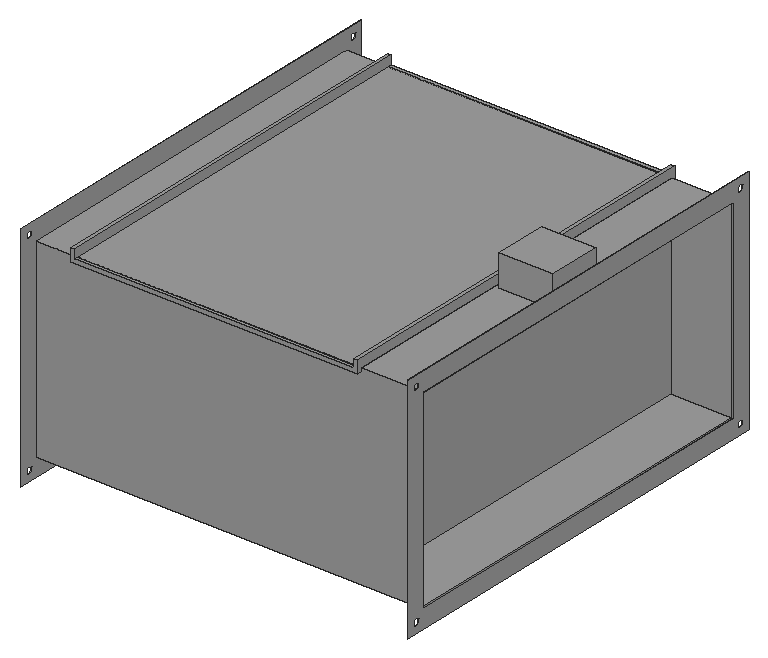
Revit family "BIMLIB_КанальныйВентилятор_TORNADO-TWIN-EC_TORNADO-EC_TORNADO_SHUFT", category Оборудование, Revit 2017
Family settings
  Размер круглого соединителя = Использовать диаметр
  Тип детали = Вставляется
  На основе рабочей плоскости = Нет
  Всегда вертикально = Да
  При загрузке вырезать с полостями = Нет
  Общий = Нет
  Точка расчета площади = Нет
Parameters (values of type "TORNADO 500x250-22-0.55-2")
  Ширина клеммной коробки = 35 mm
  Повернуть УГО [instance] = yes
  Описание = "Вентиляторы TORNADO обладают конструкцией со свободным колесом, двигателем с увеличенным ресурсом и повышенным КПД.\r\n\r\nКорпус вентиляторов серии TORNADO изготовлен из оцинкованной стали толщиной до 1,5 мм. Электродвигатель с рабочим колесом статически и динамически сбалансированы в двух плоскостях."
  Климатическое исполнение = "У2"  # constant formula
  Изготовитель = "ООО «Завод ВКО» марка SHUFT"  # constant formula
  Глубина клеммной коробки = 50 mm
  Watermark [instance] = "Модели защищены уникальным кодом"
  IP Двигателя = "IP55"  # constant formula
  H = 310 mm
  G = 510 mm
  E = 548 mm
  D = 272 mm
  C = 522 mm
  ADSK_Частота вращения вентилятора = 2750
  ADSK_Ток = 1.43 A
  ADSK_Потеря давления воздуха [instance] = 0.0 Pa
  ADSK_Полная мощность = ADSK_Номинальная мощность / ADSK_Коэффициент мощности  # 0.55 kW
  ADSK_Номинальная мощность = 0.55 kW
  ADSK_Напряжение = 400 V
  ADSK_Коэффициент мощности = 1
  ADSK_Количество фаз = 3
  ADSK_Классификация нагрузок = Прочее
  A = ADSK_Размер_Ширина  # 500 mm
  URL = "http://www.shuft.ru/"
  L = ADSK_Размер_Длина  # 500 mm
  F = 298 mm
  B = ADSK_Размер_Высота  # 250 mm
  BL_Разработано = "support@bimlib.pro"  # constant formula
  BL_Email = "bimmodels@rusklimat.ru"  # constant formula
  BL_BIM library = "https://bimlib.pro/manufacturer/company/23829"
  ADSK_Расход воздуха [instance] = 0.0 L/s
  ADSK_Размер_Ширина = 500 mm
  ADSK_Размер_Длина = 500 mm
  ADSK_Размер_Высота = 250 mm
  ADSK_Примечание [instance] = ""
  ADSK_Позиция = ""
  ADSK_Обозначение = ""
  ADSK_Наименование = "Канальный вентилятор TORNADO 500x250-22-0.55-2"
  ADSK_Материал = BIMLIB_Сталь_SHUFT
  ADSK_Масса = 26.3
  ADSK_Марка = "TORNADO 500x250-22-0.55-2"
  ADSK_Код изделия = ADSK_Марка  # "TORNADO 500x250-22-0.55-2"
  ADSK_Завод-изготовитель = "ООО «Завод ВКО» марка SHUFT"  # constant formula
  ADSK_Единица измерения = "шт."  # constant formula
  ADSK_Версия семейства = "v.1"  # constant formula
  ADSK_Версия Revit = "2017"  # constant formula
  ADSK_URL страницы изделия = "http://www.shuft.ru/catalog/1/200/3000/101650/"
  ADSK_URL документации изделия = "http://www.shuft.ru/upload/downloads/passport-tornado.pdf"
Types (25, lengths in mm): name | Описание | H | G | E | D | C | ADSK_Частота вращения вентилятора | ADSK_Ток | ADSK_Полная мощность | ADSK_Номинальная мощность | ADSK_Напряжение | ADSK_Количество фаз | A | L | F | B | ADSK_Размер_Ширина | ADSK_Размер_Длина | ADSK_Размер_Высота | ADSK_Наименование | ADSK_Масса | ADSK_Марка | ADSK_Код изделия | ADSK_URL страницы изделия | ADSK_URL документации изделия
  (no name) | "Вентиляторы TORNADO обладают конструкцией со свободным колесом, двигателем с увеличенным ресурсом и повышенным КПД.\r\n\r\nКорпус вентиляторов серии TORNADO изготовлен из оцинкованной стали толщиной до 1,5 мм. Электродвигатель с рабочим колесом статически и динамически сбалансированы в двух плоскостях." | 310 | 510 | 548 | 272 | 522 | 2750 | 1.43 A | 0.55 kW | 0.55 kW | 400 V | 3 | 500 | 500 | 298 | 250 | 500 | 500 | 250 | "Канальный вентилятор TORNADO 500x250-22-0.55-2" | 26.3 | "TORNADO 500x250-22-0.55-2" | "TORNADO 500x250-22-0.55-2" | "http://www.shuft.ru/catalog/1/200/3000/101650/" | "http://www.shuft.ru/upload/downloads/passport-tornado.pdf"
  TORNADO TWIN EC 500x250-18-E | "Назначение: Вытяжная и приточная вентиляция. Применение: Помещения бытового, общественного административного, промышленного назначения. Конструкция и материалы: Корпус из оцинкованной стали с сервисным люком; Крыльчатка с за¬гнутыми назад лопатками; Электронно-коммутируемые двигатели Ziehl-Abegg; Электродвигатель с рабочим колесом статически и динамически сбалансированы в двух плоскостях; Шариковые подшипники двигателя не требуют специального обслуживания. Регулирование производительности: по сигналу 0-10В; установка скорости встроенным триммером или с помощью внешнего регулятора(опция). Монтаж: В любом положении." | 315 | 510 | 550 | 272 | 522 | 4340 | 3.5 A | 0.34 kW | 0.34 kW | 230 V | 1 | 500 | 305 | 300 | 250 | 500 | 305 | 250 | "Канальный вентилятор TORNADO TWIN EC 500x250-18-E" | 26.3 | "TORNADO TWIN EC 500x250-18-E" | "TORNADO TWIN EC 500x250-18-E" | "http://www.shuft.ru/catalog/1/200/3000/101680/" | "http://www.shuft.ru/upload/downloads/passport-TORNADO(TWIN)-EC.pdf"
  TORNADO TWIN EC 500x300-18-E | "Назначение: Вытяжная и приточная вентиляция. Применение: Помещения бытового, общественного административного, промышленного назначения. Конструкция и материалы: Корпус из оцинкованной стали с сервисным люком; Крыльчатка с за¬гнутыми назад лопатками; Электронно-коммутируемые двигатели Ziehl-Abegg; Электродвигатель с рабочим колесом статически и динамически сбалансированы в двух плоскостях; Шариковые подшипники двигателя не требуют специального обслуживания. Регулирование производительности: по сигналу 0-10В; установка скорости встроенным триммером или с помощью внешнего регулятора(опция). Монтаж: В любом положении." | 370 | 510 | 550 | 322 | 522 | 4340 | 3.5 A | 0.34 kW | 0.34 kW | 230 V | 1 | 500 | 305 | 350 | 300 | 500 | 305 | 300 | "Канальный вентилятор TORNADO TWIN EC 500x300-18-E" | 31.5 | "TORNADO TWIN EC 500x300-18-E" | "TORNADO TWIN EC 500x300-18-E" | "http://www.shuft.ru/catalog/1/200/3000/101680/" | "http://www.shuft.ru/upload/downloads/passport-TORNADO(TWIN)-EC.pdf"
  TORNADO TWIN EC 500x300-19-E | "Назначение: Вытяжная и приточная вентиляция. Применение: Помещения бытового, общественного административного, промышленного назначения. Конструкция и материалы: Корпус из оцинкованной стали с сервисным люком; Крыльчатка с за¬гнутыми назад лопатками; Электронно-коммутируемые двигатели Ziehl-Abegg; Электродвигатель с рабочим колесом статически и динамически сбалансированы в двух плоскостях; Шариковые подшипники двигателя не требуют специального обслуживания. Регулирование производительности: по сигналу 0-10В; установка скорости встроенным триммером или с помощью внешнего регулятора(опция). Монтаж: В любом положении." | 370 | 510 | 550 | 322 | 522 | 3930 | 3.4 A | 0.34 kW | 0.34 kW | 230 V | 1 | 500 | 305 | 350 | 300 | 500 | 305 | 300 | "Канальный вентилятор TORNADO TWIN EC 500x300-19-E" | 33.6 | "TORNADO TWIN EC 500x300-19-E" | "TORNADO TWIN EC 500x300-19-E" | "http://www.shuft.ru/catalog/1/200/3000/101680/" | "http://www.shuft.ru/upload/downloads/passport-TORNADO(TWIN)-EC.pdf"
  TORNADO TWIN EC 600x300-22-E | "Назначение: Вытяжная и приточная вентиляция. Применение: Помещения бытового, общественного административного, промышленного назначения. Конструкция и материалы: Корпус из оцинкованной стали с сервисным люком; Крыльчатка с за¬гнутыми назад лопатками; Электронно-коммутируемые двигатели Ziehl-Abegg; Электродвигатель с рабочим колесом статически и динамически сбалансированы в двух плоскостях; Шариковые подшипники двигателя не требуют специального обслуживания. Регулирование производительности: по сигналу 0-10В; установка скорости встроенным триммером или с помощью внешнего регулятора(опция). Монтаж: В любом положении." | 370 | 610 | 650 | 322 | 622 | 2810 | 3.3 A | 0.34 kW | 0.34 kW | 230 V | 1 | 600 | 335 | 350 | 300 | 600 | 335 | 300 | "Канальный вентилятор TORNADO TWIN EC 600x300-22-E" | 36.7 | "TORNADO TWIN EC 600x300-22-E" | "TORNADO TWIN EC 600x300-22-E" | "http://www.shuft.ru/catalog/1/200/3000/101680/" | "http://www.shuft.ru/upload/downloads/passport-TORNADO(TWIN)-EC.pdf"
  TORNADO TWIN EC 600x350-22-E | "Назначение: Вытяжная и приточная вентиляция. Применение: Помещения бытового, общественного административного, промышленного назначения. Конструкция и материалы: Корпус из оцинкованной стали с сервисным люком; Крыльчатка с за¬гнутыми назад лопатками; Электронно-коммутируемые двигатели Ziehl-Abegg; Электродвигатель с рабочим колесом статически и динамически сбалансированы в двух плоскостях; Шариковые подшипники двигателя не требуют специального обслуживания. Регулирование производительности: по сигналу 0-10В; установка скорости встроенным триммером или с помощью внешнего регулятора(опция). Монтаж: В любом положении." | 420 | 610 | 650 | 372 | 622 | 2810 | 3.3 A | 0.34 kW | 0.34 kW | 230 V | 1 | 600 | 335 | 400 | 350 | 600 | 335 | 350 | "Канальный вентилятор TORNADO TWIN EC 600x350-22-E" | 45 | "TORNADO TWIN EC 600x350-22-E" | "TORNADO TWIN EC 600x350-22-E" | "http://www.shuft.ru/catalog/1/200/3000/101680/" | "http://www.shuft.ru/upload/downloads/passport-TORNADO(TWIN)-EC.pdf"
  TORNADO EC 600x350-28-E | "Назначение: Вытяжная и приточная вентиляция. Применение: Помещения бытового, общественного административного, промышленного назначения. Конструкция и материалы: Корпус из оцинкованной стали с сервисным люком; Крыльчатка с за¬гнутыми назад лопатками; Электронно-коммутируемые двигатели Ziehl-Abegg; Электродвигатель с рабочим колесом статически и динамически сбалансированы в двух плоскостях; Шариковые подшипники двигателя не требуют специального обслуживания. Регулирование производительности: по сигналу 0-10В; установка скорости встроенным триммером или с помощью внешнего регулятора(опция). Монтаж: В любом положении." | 420 | 610 | 650 | 372 | 622 | 2960 | 3.9 A | 0.78 kW | 0.78 kW | 230 V | 1 | 600 | 460 | 400 | 350 | 600 | 460 | 350 | "Канальный вентилятор TORNADO EC 600x350-28-E" | 52 | "TORNADO EC 600x350-28-E" | "TORNADO EC 600x350-28-E" | "http://www.shuft.ru/catalog/1/200/3000/101680/" | "http://www.shuft.ru/upload/downloads/passport-TORNADO(TWIN)-EC.pdf"
  TORNADO EC 700x400-31-D | "Назначение: Вытяжная и приточная вентиляция. Применение: Помещения бытового, общественного административного, промышленного назначения. Конструкция и материалы: Корпус из оцинкованной стали с сервисным люком; Крыльчатка с за¬гнутыми назад лопатками; Электронно-коммутируемые двигатели Ziehl-Abegg; Электродвигатель с рабочим колесом статически и динамически сбалансированы в двух плоскостях; Шариковые подшипники двигателя не требуют специального обслуживания. Регулирование производительности: по сигналу 0-10В; установка скорости встроенным триммером или с помощью внешнего регулятора(опция). Монтаж: В любом положении." | 470 | 710 | 750 | 422 | 722 | 3840 | 4 A | 2.5 kW | 2.5 kW | 400 V | 3 | 700 | 545 | 450 | 400 | 700 | 545 | 400 | "Канальный вентилятор TORNADO EC 700x400-31-D" | 57 | "TORNADO EC 700x400-31-D" | "TORNADO EC 700x400-31-D" | "http://www.shuft.ru/catalog/1/200/3000/101680/" | "http://www.shuft.ru/upload/downloads/passport-TORNADO(TWIN)-EC.pdf"
  TORNADO EC 700x400-35-D | "Назначение: Вытяжная и приточная вентиляция. Применение: Помещения бытового, общественного административного, промышленного назначения. Конструкция и материалы: Корпус из оцинкованной стали с сервисным люком; Крыльчатка с за¬гнутыми назад лопатками; Электронно-коммутируемые двигатели Ziehl-Abegg; Электродвигатель с рабочим колесом статически и динамически сбалансированы в двух плоскостях; Шариковые подшипники двигателя не требуют специального обслуживания. Регулирование производительности: по сигналу 0-10В; установка скорости встроенным триммером или с помощью внешнего регулятора(опция). Монтаж: В любом положении." | 470 | 710 | 750 | 422 | 722 | 2970 | 4 A | 2.5 kW | 2.5 kW | 400 V | 3 | 700 | 545 | 450 | 400 | 700 | 545 | 400 | "Канальный вентилятор TORNADO EC 700x400-35-D" | 68 | "TORNADO EC 700x400-35-D" | "TORNADO EC 700x400-35-D" | "http://www.shuft.ru/catalog/1/200/3000/101680/" | "http://www.shuft.ru/upload/downloads/passport-TORNADO(TWIN)-EC.pdf"
  TORNADO EC 800x500-35-D | "Назначение: Вытяжная и приточная вентиляция. Применение: Помещения бытового, общественного административного, промышленного назначения. Конструкция и материалы: Корпус из оцинкованной стали с сервисным люком; Крыльчатка с за¬гнутыми назад лопатками; Электронно-коммутируемые двигатели Ziehl-Abegg; Электродвигатель с рабочим колесом статически и динамически сбалансированы в двух плоскостях; Шариковые подшипники двигателя не требуют специального обслуживания. Регулирование производительности: по сигналу 0-10В; установка скорости встроенным триммером или с помощью внешнего регулятора(опция). Монтаж: В любом положении." | 470 | 810 | 850 | 522 | 822 | 2970 | 4 A | 2.5 kW | 2.5 kW | 400 V | 3 | 800 | 545 | 550 | 500 | 800 | 545 | 500 | "Канальный вентилятор TORNADO EC 800x500-35-D" | 73.5 | "TORNADO EC 800x500-35-D" | "TORNADO EC 800x500-35-D" | "http://www.shuft.ru/catalog/1/200/3000/101680/" | "http://www.shuft.ru/upload/downloads/passport-TORNADO(TWIN)-EC.pdf"
  TORNADO EC 900x500-35-D | "Назначение: Вытяжная и приточная вентиляция. Применение: Помещения бытового, общественного административного, промышленного назначения. Конструкция и материалы: Корпус из оцинкованной стали с сервисным люком; Крыльчатка с за¬гнутыми назад лопатками; Электронно-коммутируемые двигатели Ziehl-Abegg; Электродвигатель с рабочим колесом статически и динамически сбалансированы в двух плоскостях; Шариковые подшипники двигателя не требуют специального обслуживания. Регулирование производительности: по сигналу 0-10В; установка скорости встроенным триммером или с помощью внешнего регулятора(опция). Монтаж: В любом положении." | 570 | 910 | 950 | 522 | 922 | 2970 | 4 A | 2.5 kW | 2.5 kW | 400 V | 3 | 900 | 545 | 550 | 500 | 900 | 545 | 500 | "Канальный вентилятор TORNADO EC 900x500-35-D" | 75 | "TORNADO EC 900x500-35-D" | "TORNADO EC 900x500-35-D" | "http://www.shuft.ru/catalog/1/200/3000/101680/" | "http://www.shuft.ru/upload/downloads/passport-TORNADO(TWIN)-EC.pdf"
  TORNADO EC 900x500-40-D | "Назначение: Вытяжная и приточная вентиляция. Применение: Помещения бытового, общественного административного, промышленного назначения. Конструкция и материалы: Корпус из оцинкованной стали с сервисным люком; Крыльчатка с за¬гнутыми назад лопатками; Электронно-коммутируемые двигатели Ziehl-Abegg; Электродвигатель с рабочим колесом статически и динамически сбалансированы в двух плоскостях; Шариковые подшипники двигателя не требуют специального обслуживания. Регулирование производительности: по сигналу 0-10В; установка скорости встроенным триммером или с помощью внешнего регулятора(опция). Монтаж: В любом положении." | 570 | 910 | 950 | 522 | 922 | 2700 | 5.4 A | 3.3 kW | 3.3 kW | 400 V | 3 | 900 | 545 | 550 | 500 | 900 | 545 | 500 | "Канальный вентилятор TORNADO EC 900x500-40-D" | 94.6 | "TORNADO EC 900x500-40-D" | "TORNADO EC 900x500-40-D" | "http://www.shuft.ru/catalog/1/200/3000/101680/" | "http://www.shuft.ru/upload/downloads/passport-TORNADO(TWIN)-EC.pdf"
  TORNADO EC 1000x500-40-D | "Назначение: Вытяжная и приточная вентиляция. Применение: Помещения бытового, общественного административного, промышленного назначения. Конструкция и материалы: Корпус из оцинкованной стали с сервисным люком; Крыльчатка с за¬гнутыми назад лопатками; Электронно-коммутируемые двигатели Ziehl-Abegg; Электродвигатель с рабочим колесом статически и динамически сбалансированы в двух плоскостях; Шариковые подшипники двигателя не требуют специального обслуживания. Регулирование производительности: по сигналу 0-10В; установка скорости встроенным триммером или с помощью внешнего регулятора(опция). Монтаж: В любом положении." | 570 | 1010 | 1050 | 522 | 1022 | 2700 | 5.4 A | 3.3 kW | 3.3 kW | 400 V | 3 | 1000 | 545 | 550 | 500 | 1000 | 545 | 500 | "Канальный вентилятор TORNADO EC 1000x500-40-D" | 91.6 | "TORNADO EC 1000x500-40-D" | "TORNADO EC 1000x500-40-D" | "http://www.shuft.ru/catalog/1/200/3000/101680/" | "http://www.shuft.ru/upload/downloads/passport-TORNADO(TWIN)-EC.pdf"
  TORNADO 500x250-22-0.55-2 | "Вентиляторы TORNADO обладают конструкцией со свободным колесом, двигателем с увеличенным ресурсом и повышенным КПД.\r\n\r\nКорпус вентиляторов серии TORNADO изготовлен из оцинкованной стали толщиной до 1,5 мм. Электродвигатель с рабочим колесом статически и динамически сбалансированы в двух плоскостях." | 310 | 510 | 548 | 272 | 522 | 2750 | 1.43 A | 0.55 kW | 0.55 kW | 400 V | 3 | 500 | 500 | 298 | 250 | 500 | 500 | 250 | "Канальный вентилятор TORNADO 500x250-22-0.55-2" | 26.3 | "TORNADO 500x250-22-0.55-2" | "TORNADO 500x250-22-0.55-2" | "http://www.shuft.ru/catalog/1/200/3000/101650/" | "http://www.shuft.ru/upload/downloads/passport-tornado.pdf"
  TORNADO 500x300-22-0.55-2 | "Вентиляторы TORNADO обладают конструкцией со свободным колесом, двигателем с увеличенным ресурсом и повышенным КПД.\r\n\r\nКорпус вентиляторов серии TORNADO изготовлен из оцинкованной стали толщиной до 1,5 мм. Электродвигатель с рабочим колесом статически и динамически сбалансированы в двух плоскостях." | 360 | 510 | 548 | 322 | 522 | 2750 | 1.43 A | 0.55 kW | 0.55 kW | 400 V | 3 | 500 | 500 | 348 | 300 | 500 | 500 | 300 | "Канальный вентилятор TORNADO 500x300-22-0.55-2" | 31.5 | "TORNADO 500x300-22-0.55-2" | "TORNADO 500x300-22-0.55-2" | "http://www.shuft.ru/catalog/1/200/3000/101650/" | "http://www.shuft.ru/upload/downloads/passport-tornado.pdf"
  TORNADO 500x300-25-0.75-2 | "Вентиляторы TORNADO обладают конструкцией со свободным колесом, двигателем с увеличенным ресурсом и повышенным КПД.\r\n\r\nКорпус вентиляторов серии TORNADO изготовлен из оцинкованной стали толщиной до 1,5 мм. Электродвигатель с рабочим колесом статически и динамически сбалансированы в двух плоскостях." | 360 | 510 | 548 | 322 | 522 | 2750 | 1.92 A | 0.75 kW | 0.75 kW | 400 V | 3 | 500 | 550 | 348 | 300 | 500 | 550 | 300 | "Канальный вентилятор TORNADO 500x300-25-0.75-2" | 33.6 | "TORNADO 500x300-25-0.75-2" | "TORNADO 500x300-25-0.75-2" | "http://www.shuft.ru/catalog/1/200/3000/101650/" | "http://www.shuft.ru/upload/downloads/passport-tornado.pdf"
  TORNADO 600x300-25-0.75-2 | "Вентиляторы TORNADO обладают конструкцией со свободным колесом, двигателем с увеличенным ресурсом и повышенным КПД.\r\n\r\nКорпус вентиляторов серии TORNADO изготовлен из оцинкованной стали толщиной до 1,5 мм. Электродвигатель с рабочим колесом статически и динамически сбалансированы в двух плоскостях." | 360 | 610 | 648 | 322 | 622 | 2750 | 1.92 A | 0.75 kW | 0.75 kW | 400 V | 3 | 600 | 550 | 348 | 300 | 600 | 550 | 300 | "Канальный вентилятор TORNADO 600x300-25-0.75-2" | 36.7 | "TORNADO 600x300-25-0.75-2" | "TORNADO 600x300-25-0.75-2" | "http://www.shuft.ru/catalog/1/200/3000/101650/" | "http://www.shuft.ru/upload/downloads/passport-tornado.pdf"
  TORNADO 600x350-28-1.1-2 | "Вентиляторы TORNADO обладают конструкцией со свободным колесом, двигателем с увеличенным ресурсом и повышенным КПД.\r\n\r\nКорпус вентиляторов серии TORNADO изготовлен из оцинкованной стали толщиной до 1,5 мм. Электродвигатель с рабочим колесом статически и динамически сбалансированы в двух плоскостях." | 410 | 610 | 648 | 372 | 622 | 2800 | 2.74 A | 1.1 kW | 1.1 kW | 400 V | 3 | 600 | 550 | 398 | 350 | 600 | 550 | 350 | "Канальный вентилятор TORNADO 600x350-28-1.1-2" | 45 | "TORNADO 600x350-28-1.1-2" | "TORNADO 600x350-28-1.1-2" | "http://www.shuft.ru/catalog/1/200/3000/101650/" | "http://www.shuft.ru/upload/downloads/passport-tornado.pdf"
  TORNADO 600x350-31-1.5-2 | "Вентиляторы TORNADO обладают конструкцией со свободным колесом, двигателем с увеличенным ресурсом и повышенным КПД.\r\n\r\nКорпус вентиляторов серии TORNADO изготовлен из оцинкованной стали толщиной до 1,5 мм. Электродвигатель с рабочим колесом статически и динамически сбалансированы в двух плоскостях." | 420 | 610 | 648 | 372 | 622 | 2880 | 3.46 A | 1.5 kW | 1.5 kW | 400 V | 3 | 600 | 550 | 398 | 350 | 600 | 550 | 350 | "Канальный вентилятор TORNADO 600x350-31-1.5-2" | 52 | "TORNADO 600x350-31-1.5-2" | "TORNADO 600x350-31-1.5-2" | "http://www.shuft.ru/catalog/1/200/3000/101650/" | "http://www.shuft.ru/upload/downloads/passport-tornado.pdf"
  TORNADO 700x400-35-3-2 | "Вентиляторы TORNADO обладают конструкцией со свободным колесом, двигателем с увеличенным ресурсом и повышенным КПД.\r\n\r\nКорпус вентиляторов серии TORNADO изготовлен из оцинкованной стали толщиной до 1,5 мм. Электродвигатель с рабочим колесом статически и динамически сбалансированы в двух плоскостях." | 460 | 710 | 748 | 422 | 722 | 2840 | 7.03 A | 3 kW | 3 kW | 400 V | 3 | 700 | 675 | 448 | 400 | 700 | 675 | 400 | "Канальный вентилятор TORNADO 700x400-35-3-2" | 57 | "TORNADO 700x400-35-3-2" | "TORNADO 700x400-35-3-2" | "http://www.shuft.ru/catalog/1/200/3000/101650/" | "http://www.shuft.ru/upload/downloads/passport-tornado.pdf"
  TORNADO 700x400-31-2.2-2 | "Вентиляторы TORNADO обладают конструкцией со свободным колесом, двигателем с увеличенным ресурсом и повышенным КПД.\r\n\r\nКорпус вентиляторов серии TORNADO изготовлен из оцинкованной стали толщиной до 1,5 мм. Электродвигатель с рабочим колесом статически и динамически сбалансированы в двух плоскостях." | 470 | 710 | 748 | 422 | 722 | 2840 | 4.86 A | 2.2 kW | 2.2 kW | 400 V | 3 | 700 | 675 | 448 | 400 | 700 | 675 | 400 | "Канальный вентилятор TORNADO 700x400-31-2.2-2" | 68 | "TORNADO 700x400-31-2.2-2" | "TORNADO 700x400-31-2.2-2" | "http://www.shuft.ru/catalog/1/200/3000/101650/" | "http://www.shuft.ru/upload/downloads/passport-tornado.pdf"
  TORNADO 800x500-35-3-2 | "Вентиляторы TORNADO обладают конструкцией со свободным колесом, двигателем с увеличенным ресурсом и повышенным КПД.\r\n\r\nКорпус вентиляторов серии TORNADO изготовлен из оцинкованной стали толщиной до 1,5 мм. Электродвигатель с рабочим колесом статически и динамически сбалансированы в двух плоскостях." | 560 | 810 | 848 | 522 | 822 | 2840 | 7.03 A | 3 kW | 3 kW | 400 V | 3 | 800 | 675 | 548 | 500 | 800 | 675 | 500 | "Канальный вентилятор TORNADO 800x500-35-3-2" | 73.5 | "TORNADO 800x500-35-3-2" | "TORNADO 800x500-35-3-2" | "http://www.shuft.ru/catalog/1/200/3000/101650/" | "http://www.shuft.ru/upload/downloads/passport-tornado.pdf"
  TORNADO 900x500-35-3-2 | "Вентиляторы TORNADO обладают конструкцией со свободным колесом, двигателем с увеличенным ресурсом и повышенным КПД.\r\n\r\nКорпус вентиляторов серии TORNADO изготовлен из оцинкованной стали толщиной до 1,5 мм. Электродвигатель с рабочим колесом статически и динамически сбалансированы в двух плоскостях." | 560 | 910 | 948 | 522 | 922 | 2840 | 7.03 A | 3 kW | 3 kW | 400 V | 3 | 900 | 675 | 548 | 500 | 900 | 675 | 500 | "Канальный вентилятор TORNADO 900x500-35-3-2" | 75 | "TORNADO 900x500-35-3-2" | "TORNADO 900x500-35-3-2" | "http://www.shuft.ru/catalog/1/200/3000/101650/" | "http://www.shuft.ru/upload/downloads/passport-tornado.pdf"
  TORNADO 900x500-40-4-2 | "Вентиляторы TORNADO обладают конструкцией со свободным колесом, двигателем с увеличенным ресурсом и повышенным КПД.\r\n\r\nКорпус вентиляторов серии TORNADO изготовлен из оцинкованной стали толщиной до 1,5 мм. Электродвигатель с рабочим колесом статически и динамически сбалансированы в двух плоскостях." | 560 | 910 | 948 | 522 | 922 | 2840 | 7.9 A | 4 kW | 4 kW | 400 V | 3 | 900 | 675 | 548 | 500 | 900 | 675 | 500 | "Канальный вентилятор TORNADO 900x500-40-4-2" | 94.6 | "TORNADO 900x500-40-4-2" | "TORNADO 900x500-40-4-2" | "http://www.shuft.ru/catalog/1/200/3000/101650/" | "http://www.shuft.ru/upload/downloads/passport-tornado.pdf"
  TORNADO 1000x500-40-4-2 | "Вентиляторы TORNADO обладают конструкцией со свободным колесом, двигателем с увеличенным ресурсом и повышенным КПД.\r\n\r\nКорпус вентиляторов серии TORNADO изготовлен из оцинкованной стали толщиной до 1,5 мм. Электродвигатель с рабочим колесом статически и динамически сбалансированы в двух плоскостях." | 560 | 1010 | 1048 | 522 | 1022 | 2840 | 7.9 A | 4 kW | 4 kW | 400 V | 3 | 1000 | 675 | 548 | 500 | 1000 | 675 | 500 | "Канальный вентилятор TORNADO 1000x500-40-4-2" | 91.6 | "TORNADO 1000x500-40-4-2" | "TORNADO 1000x500-40-4-2" | "http://www.shuft.ru/catalog/1/200/3000/101650/" | "http://www.shuft.ru/upload/downloads/passport-tornado.pdf"
Reference planes
  plane 1 "По центру (Вперед/Назад)": y = 0
  plane 2: z = 0
  plane 3 "По центру (Влево/Вправо)": x = 0
  plane 4: x = -250
  plane 5: x = 250
  plane 6: y = -250
  plane 7: y = 250
  plane 8: y = -274
  plane 9: y = 274
  plane 10: z = 125
  plane 11: z = -125
  plane 12: z = 149
  plane 13: z = -149
  plane 14: z = 136
  plane 15: z = -136
  plane 16: y = -261
  plane 17: y = 261
  plane 18: z = 161
  plane 19: y = 255
  plane 20: y = -255
  plane 21: x = -200
  plane 22: x = 170
  plane 23: x = -195
  plane 24: x = 165
  plane 25: z = 165
Forms (mm)
  Extrusion 1, solid, material "BIMLIB_Сталь_SHUFT" <- "ADSK_Материал", detail levels medium+fine
    sketch origin (0, 0, 0) x (0, 1, 0) y (0, 0, 1)
      loop
        line (-250, 125) -> (-250, -125) -> (250, -125) -> (250, 125) -> (-250, 125)
      loop
        line (-249, 124) -> (-249, -124) -> (249, -124) -> (249, 124) -> (-249, 124)
    from -249 to 249
  Extrusion 2, solid, material "BIMLIB_Сталь_SHUFT" <- "ADSK_Материал", detail levels medium+fine
    sketch origin (0, 0, 0) x (0, 1, 0) y (0, 0, -1)
      loop
        line (-274, -149) -> (274, -149) -> (274, 149) -> (-274, 149) -> (-274, -149)
      loop
        line (-250, -125) -> (250, -125) -> (250, 125) -> (-250, 125) -> (-250, -125)
    from -250 to -249
  Extrusion 3, solid, material "BIMLIB_Сталь_SHUFT" <- "ADSK_Материал", detail levels medium+fine
    sketch origin (0, 0, 0) x (0, 1, 0) y (0, 0, 1)
      loop
        line (-274, 149) -> (-274, -149) -> (274, -149) -> (274, 149) -> (-274, 149)
      loop
        line (-250, 125) -> (-250, -125) -> (250, -125) -> (250, 125) -> (-250, 125)
    from -250 to -249
  Extrusion 4, void
    sketch origin (0, 0, 0) x (0, 1, 0) y (0, 0, 1)
      loop
        circle (-261, 136) r 4.5
      loop
        circle (-261, -136) r 4.5
      loop
        circle (261, -136) r 4.5
      loop
        circle (261, 136) r 4.5
    from 249 to 250
  Extrusion 5, void
    sketch origin (0, 0, 0) x (0, 1, 0) y (0, 0, -1)
      loop
        circle (-261, -136) r 4.5
      loop
        circle (-261, 136) r 4.5
      loop
        circle (261, 136) r 4.5
      loop
        circle (261, -136) r 4.5
    from 249 to 250
  Extrusion 6, solid, material "BIMLIB_Сталь_SHUFT" <- "ADSK_Материал", detail levels fine
    sketch origin (0, 0, 0) x (0, 1, 0) y (0, 0, 1)
      loop
        line (-250, 125) -> (250, 125) -> (250, 120) -> (255, 120) -> (255, 136) -> (-255, 136) -> (-255, 120) -> (-250, 120) -> (-250, 125)
    from -200 to 170
  Extrusion 7, void
    sketch origin (0, 0, 0) x (1, 0, 0) y (0, 1, 0)
      loop
        line (-195, 255) -> (-195, -255) -> (165, -255) -> (165, 255) -> (-195, 255)
    from 125 to 149
  Extrusion 8, solid, material "BIMLIB_Сталь_SHUFT" <- "ADSK_Материал", detail levels medium+fine
    sketch origin (0, 0, 0) x (1, 0, 0) y (0, 1, 0)
      loop
        line (245, -35) -> (245, 35) -> (175, 35) -> (175, -35) -> (245, -35)
    from 125 to 165
  Extrusion 9, solid, material "BIMLIB_Сталь_SHUFT" <- "ADSK_Материал", detail levels medium+fine
    sketch origin (0, 0, 0) x (0, 1, 0) y (0, 0, 1)
      loop
        line (-249, 124) -> (-249, -124) -> (249, -124) -> (249, 124) -> (-249, 124)
    from -200 to 170
Cuts and joins
  Extrusion 4, Extrusion 5 cuts Extrusion 2
  Extrusion 5 cuts Extrusion 3
  Extrusion 7 cuts Extrusion 1
  Extrusion 7 cuts Extrusion 6
Dimensions and locks
  "L": plane 4 to plane 5
  equal spacing: plane 4, plane 3 "По центру (Влево/Вправо)", plane 5
  "A": plane 6 to plane 7
  equal spacing: plane 6, plane 1 "По центру (Вперед/Назад)", plane 7
  "E": plane 8 to plane 9
  equal spacing: plane 8, plane 1 "По центру (Вперед/Назад)", plane 9
  "B": plane 10 to plane 11
  equal spacing: plane 10, level, plane 11
  "F": plane 12 to plane 13
  equal spacing: plane 12, level, plane 13
  Extrusion 1 sketch curve to Extrusion 1 sketch curve = 1 mm
  locked: Extrusion 1 to Extrusion 1 at 1  (x4)
  locked: Extrusion 2 to Extrusion 2 at 1
  locked: Extrusion 3 to Extrusion 3 at 1
  "H": plane 18 to plane 13
  "G": plane 20 to plane 19
  equal spacing: plane 20, plane 1 "По центру (Вперед/Назад)", plane 19
  locked: plane 4 to plane 21 at 50
  locked: plane 22 to plane 5 at 80
  "C": plane 16 to plane 17
  equal spacing: plane 16, plane 1 "По центру (Вперед/Назад)", plane 17
  equal spacing: plane 15, level, plane 14
  "D": plane 15 to plane 14
  plane 21 to plane 23 = 5 mm
  plane 18 to plane 10 = 36 mm
  plane 24 to plane 22 = 5 mm
  locked: plane 25 to plane 10 at 40
  aligned and locked: level to plane 2
  aligned and locked: Extrusion 1 sketch curve to plane 10
  aligned and locked: Extrusion 1 sketch curve to plane 6
  aligned and locked: plane 11 to Extrusion 1 sketch curve
  aligned and locked: plane 7 to Extrusion 1 sketch curve
  aligned and locked: plane 5 to Extrusion 2
  aligned and locked: Extrusion 1 to Extrusion 2
  aligned and locked: Extrusion 2 sketch curve to Extrusion 1  (x4)
  aligned and locked: Extrusion 3 to plane 4
  aligned and locked: Extrusion 3 to Extrusion 1
  aligned and locked: plane 5 to Extrusion 4
  aligned and locked: Extrusion 4 to Extrusion 1
  aligned and locked: Extrusion 5 to plane 4
  aligned and locked: Extrusion 5 to Extrusion 1
  aligned and locked: Extrusion 6 to plane 21
  aligned and locked: plane 22 to Extrusion 6
  aligned and locked: Extrusion 6 to plane 19
  aligned and locked: plane 20 to Extrusion 6
  aligned and locked: plane 6 to Extrusion 6 sketch curve
  aligned and locked: Extrusion 6 sketch curve to plane 7
  aligned and locked: Extrusion 6 to plane 14
  aligned and locked: Extrusion 7 sketch curve to plane 20
  aligned and locked: plane 19 to Extrusion 7 sketch curve
  aligned and locked: plane 23 to Extrusion 7 sketch curve
  aligned and locked: plane 12 to Extrusion 7
  aligned and locked: Extrusion 7 to plane 10
  aligned and locked: Extrusion 8 to plane 10
  aligned and locked: Extrusion 9 sketch curve to cut or joined group of Extrusion 1, Extrusion 7  (x4)
  aligned and locked: Extrusion 9 to plane 21
  aligned and locked: plane 22 to Extrusion 9
  aligned and locked: level to nested 1
  aligned and locked: nested 1 to plane 3 "По центру (Влево/Вправо)"
  aligned and locked: nested 1 to plane 1 "По центру (Вперед/Назад)"
  aligned and locked: plane 24 to Extrusion 7 sketch curve
  aligned and locked: plane 25 to Extrusion 8
Automatic sketch dimensions
  Extrusion 1 sketch curve to plane 6 = 1 mm
  plane 7 to Extrusion 1 sketch curve = 1 mm
  plane 11 to Extrusion 1 sketch curve = 1 mm
  Extrusion 2 sketch curve to plane 8 = 0 mm
  Extrusion 2 sketch curve to plane 9 = 0 mm
  Extrusion 2 sketch curve to plane 12 = 0 mm
  Extrusion 2 sketch curve to plane 13 = 0 mm
  Extrusion 3 sketch curve to plane 8 = 0 mm
  Extrusion 3 sketch curve to plane 6 = 0 mm
  Extrusion 3 sketch curve to plane 7 = 0 mm
  Extrusion 3 sketch curve to plane 9 = 0 mm
  Extrusion 3 sketch curve to plane 13 = 0 mm
  Extrusion 3 sketch curve to plane 11 = 0 mm
  Extrusion 3 sketch curve to plane 10 = 0 mm
  Extrusion 3 sketch curve to plane 12 = 0 mm
  plane 15 to Extrusion 4 sketch curve = 0 mm  (x2)
  Extrusion 4 sketch curve to plane 16 = 0 mm  (x2)
  plane 14 to Extrusion 4 sketch curve = 0 mm  (x2)
  Extrusion 4 sketch curve to plane 17 = 0 mm  (x2)
  plane 15 to Extrusion 5 sketch curve = 0 mm  (x2)
  Extrusion 5 sketch curve to plane 16 = 0 mm  (x2)
  plane 14 to Extrusion 5 sketch curve = 0 mm  (x2)
  Extrusion 5 sketch curve to plane 17 = 0 mm  (x2)
  Extrusion 6 sketch curve to plane 20 = 0 mm
  Extrusion 6 sketch curve to plane 19 = 0 mm
  Extrusion 6 sketch curve to plane 10 = 0 mm
  Extrusion 6 sketch curve to Extrusion 6 sketch curve = 5 mm
  Extrusion 6 sketch curve to plane 10 = 5 mm
  plane 10 to Extrusion 6 sketch curve = 11 mm
  plane 22 to Extrusion 8 sketch curve = 5 mm
  Extrusion 8 sketch curve to plane 5 = 5 mm
  plane 1 "По центру (Вперед/Назад)" to Extrusion 8 sketch curve = 35 mm
  Extrusion 8 sketch curve to plane 1 "По центру (Вперед/Назад)" = 35 mm
  radius of Extrusion 4 sketch curve = 4.5 mm  (x4)
  radius of Extrusion 5 sketch curve = 4.5 mm  (x4)
Nested families
  nested 1: "BIMLIB_УГО_SHUFT" at (0, 0, 0) x (-1, 0, 0) z (0, 0, 1), Высота <- "ADSK_Размер_Высота", Длина <- "ADSK_Размер_Длина", Ширина <- "ADSK_Размер_Ширина", УГО сверху <- "Повернуть УГО", type "BIMLIB_УГО_SHUFT", detail levels coarse
    with Ширина/4 125 mm, Ширина 500 mm, УГО спереди no, УГО сверху yes, Длина 500 mm, Высота/4 62.5 mm, Высота УГО 3д План 126 mm, Высота 250 mm
Connectors
  hvac at (250, 0, 0), driven by "ADSK_Размер_Высота", driven by "ADSK_Размер_Ширина", driven by "ADSK_Расход воздуха", driven by "ADSK_Потеря давления воздуха"
    settings: on cut or joined group of Extrusion 2, Extrusion 4, Extrusion 5, index 1, duct flow 0.0 L/s, flow factor 0, pres drop 0.0 Pa, loss coef 0, conn angle 0.00°, conn width 500 mm, conn height 250 mm, conn diameter 609.6 mm, duct sys type 29, conn prof type 1, flow config 0, flow direction 1, loss method 0, conn ref index 2, conn util no, is conn primary yes, conn desc "Приточный воздух"
  hvac at (-250, 0, 0), driven by "ADSK_Размер_Высота", driven by "ADSK_Размер_Ширина", driven by "ADSK_Расход воздуха", driven by "ADSK_Потеря давления воздуха"
    settings: on cut or joined group of Extrusion 3, Extrusion 5, index 2, duct flow 0.0 L/s, flow factor 0, pres drop 0.0 Pa, loss coef 0, conn angle 0.00°, conn width 500 mm, conn height 250 mm, conn diameter 609.6 mm, duct sys type 29, conn prof type 1, flow config 0, flow direction 2, loss method 0, conn ref index 1, conn util no, is conn primary no, conn desc "Наружный воздух"
  electrical at (210, 0, 165), driven by "ADSK_Количество фаз", driven by "ADSK_Напряжение", driven by "ADSK_Номинальная мощность", driven by "ADSK_Классификация нагрузок", driven by "ADSK_Коэффициент мощности"
    settings: on Extrusion 8, index 3, voltage 400 V, apparent load 0.55 kW, apparent load phase1 0 kW, apparent load phase2 0 kW, apparent load phase3 0 kW, power factor 1, load classification "Прочее", number of poles 3, system type 30, power factor state 1, is connector primary yes, connector utility no, sub classification motor no, connector description "Электрический соединитель"
Definition of nested family "BIMLIB_УГО_SHUFT"
  Parameters (values of type "BIMLIB_УГО_SHUFT")
    Ширина/4 [instance] = Ширина / 4  # 105 mm
    Ширина [instance] = 420 mm
    УГО спереди [instance] = not(УГО сверху)  # no
    УГО сверху [instance] = yes
    Высота/4 [instance] = Высота / 4  # 63 mm
    Длина [instance] = 810 mm
    Высота УГО 3д План [instance] = 126 mm
    Высота 1 = 252 mm
    Высота [instance] = 252 mm
  Reference planes
    plane 1 "По центру (Вперед/Назад)": y = 0
    plane 2: z = 0
    plane 3 "По центру (Влево/Вправо)": x = 0
    plane 4: x = -405
    plane 5: x = 405
    plane 6: y = 210
    plane 7: y = -210
    plane 8: z = 126
    plane 9: z = 63
    plane 10: y = 105
    plane 11: y = -105
    plane 12 "УГО": z = 126
    plane 13: z = -63
    plane 14: z = -126
  Lines and regions (mm)
    model lines, visible <- "УГО спереди", detail levels coarse
      curve 1: line (-405, 0, 126) -> (-405, 0, -126)
      curve 2: line (-405, 0, -126) -> (405, 0, -126)
      curve 3: line (405, 0, -126) -> (405, 0, 126)
      curve 4: line (405, 0, 126) -> (-405, 0, 126)
      curve 20: line (-17.124, 0, -46.976) -> (-17.124, 0, 46.976)
      curve 21: line (-17.124, 0, 46.976) -> (50, 0, 0)
      curve 22: circle (0, 0, 0) r 50 normal (0, -1, 0)
      curve 23: line (50, 0, 0) -> (-17.124, 0, -46.976)
    model lines, visible <- "УГО сверху", detail levels coarse
      curve 5: line (-405, 210, 0) -> (-405, -210, 0)
      curve 6: line (-405, -210, 0) -> (405, -210, 0)
      curve 7: line (405, -210, 0) -> (405, 210, 0)
      curve 8: line (405, 210, 0) -> (-405, 210, 0)
      curve 9: line (-38.707, 60.625, 0) -> (71.928, 0, 0)
      curve 10: line (71.928, 0, 0) -> (-38.707, -60.625, 0)
      curve 11: line (-38.707, -60.625, 0) -> (-38.707, 60.625, 0)
      curve 24: circle (0, 0, 0) r 71.928 normal (0, 0, 1)
    symbolic lines, detail levels coarse
      curve 12: line (-405, 0, 126) -> (-405, 0, -126)
      curve 13: line (-405, 0, -126) -> (405, 0, -126)
      curve 14: line (405, 0, -126) -> (405, 0, 126)
      curve 15: line (405, 0, 126) -> (-405, 0, 126)
      curve 16: line (-405, 210, 0) -> (-405, -210, 0)
      curve 17: line (-405, -210, 0) -> (405, -210, 0)
      curve 18: line (405, -210, 0) -> (405, 210, 0)
      curve 19: line (405, 210, 0) -> (-405, 210, 0)
      curve 25: circle (0, 0, 0) r 71.928 normal (0, 0, 1)
      curve 26: line (-38.707, 60.625, 0) -> (-38.707, -60.625, 0)
      curve 27: line (-38.707, -60.625, 0) -> (71.928, 0, 0)
      curve 28: line (71.928, 0, 0) -> (-38.707, 60.625, 0)
      curve 29: circle (0, 0, 0) r 50 normal (0, -1, 0)
      curve 30: line (50, 0, 0) -> (-17.101, 0, 46.985)
      curve 31: line (-17.101, 0, 46.985) -> (-17.101, 0, -46.985)
      curve 32: line (50, 0, 0) -> (-17.101, 0, -46.985)
  Dimensions and locks
    equal spacing: plane 4, plane 3 "По центру (Влево/Вправо)", plane 5
    "Длина": plane 4 to plane 5
    "Ширина": plane 7 to plane 6
    equal spacing: plane 6, plane 10, plane 1 "По центру (Вперед/Назад)", plane 11, plane 7
    "Высота": plane 12 "УГО" to plane 14
    equal spacing: plane 12 "УГО", plane 9, level, plane 13, plane 14
    aligned and locked: level to plane 2
    aligned and locked: plane 8 to curve 15
    aligned and locked: curve 5 to plane 4
    aligned and locked: plane 5 to curve 7
    aligned and locked: plane 14 to curve 13
    aligned and locked: plane 12 "УГО" to curve 15
  Automatic sketch dimensions
    curve 24 to curve 25 = 0 mm  (x2)
    plane 1 "По центру (Вперед/Назад)" to curve 25 = 0 mm
    curve 25 to plane 3 "По центру (Влево/Вправо)" = 0 mm
    plane 1 "По центру (Вперед/Назад)" to curve 28 = 0 mm
    plane 1 "По центру (Вперед/Назад)" to curve 9 = 0 mm
    plane 1 "По центру (Вперед/Назад)" to curve 27 = 0 mm
    plane 7 to curve 16 = 0 mm
    curve 19 to plane 6 = 0 mm
    curve 9 to plane 3 "По центру (Влево/Вправо)" = 38.707 mm
    plane 3 "По центру (Влево/Вправо)" to curve 9 = 71.928 mm
    curve 27 to curve 10 = 0 mm
    curve 28 to curve 9 = 0 mm
    curve 22 to curve 29 = 0 mm  (x2)
    curve 1 to plane 4 = 0 mm
    curve 29 to level = 0 mm
    curve 29 to plane 3 "По центру (Влево/Вправо)" = 0 mm
    curve 21 to level = 0 mm
    curve 32 to level = 0 mm
    curve 15 to plane 5 = 0 mm
    curve 21 to plane 3 "По центру (Влево/Вправо)" = 17.124 mm
    curve 20 to curve 30 = 0.023 mm
    plane 3 "По центру (Влево/Вправо)" to curve 21 = 50 mm
    curve 32 to curve 21 = 0 mm
    radius of curve 25 = 71.928 mm
